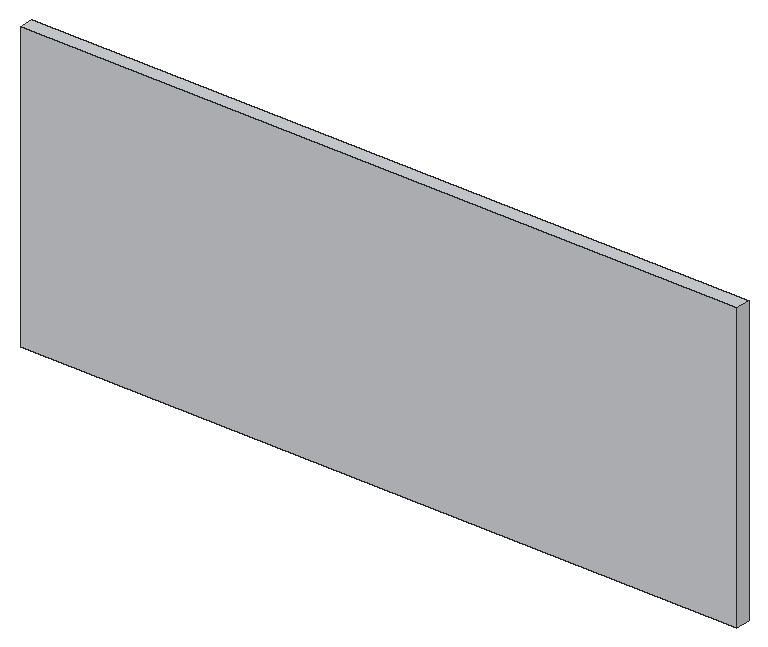
Revit family "АВЛН_Рабочая доска", category Мебель, Revit 2019
Family settings
  Номер OmniClass = 23.40.20.00
  Заголовок OmniClass = General Furniture and Specialties
  На основе рабочей плоскости = Нет
  Всегда вертикально = Да
  При загрузке вырезать с полостями = Нет
  Общий = Нет
  Точка расчета площади = Нет
Parameters (values of type "3000х1200")
  Смещение снизу = 700 mm
  Доска_Ширина = 3000 mm
  Доска_Толщина = 60 mm
  Доска_Высота = 1200 mm
Types (3, lengths in mm): name | Доска_Ширина
  (no name) | 3000
  4000х1200 | 4000
  3000х1200 | 3000
Reference planes
  plane 1 "По центру (Вперед/Назад)": y = 0
  plane 2: z = 0
  plane 3 "По центру (Влево/Вправо)": x = 0
  plane 4: y = 60
  plane 5: x = -1500
  plane 6: x = 1500
  plane 7: z = 1900
  plane 8: z = 700
Forms (mm)
  Extrusion 1, solid
    sketch origin (0, 0, 0) x (1, 0, 0) y (0, 1, 0)
      loop
        line (-1500, 0) -> (1500, 0) -> (1500, 60) -> (-1500, 60) -> (-1500, 0)
    from 700 to 1900
Dimensions and locks
  "Доска_Толщина": plane 1 "По центру (Вперед/Назад)" to plane 4
  equal spacing: plane 5, plane 3 "По центру (Влево/Вправо)", plane 6
  "Доска_Ширина": plane 5 to plane 6
  "Смещение снизу": plane 8 to level
  "Доска_Высота": plane 7 to plane 8
  aligned and locked: level to plane 2
  aligned and locked: Extrusion 1 sketch curve to plane 1 "По центру (Вперед/Назад)"
  aligned and locked: Extrusion 1 sketch curve to plane 4
  aligned and locked: plane 6 to Extrusion 1
  aligned and locked: Extrusion 1 to plane 5
  aligned and locked: Extrusion 1 to plane 7
  aligned and locked: Extrusion 1 to plane 8
Automatic sketch dimensions
  Extrusion 1 sketch curve to plane 3 "По центру (Влево/Вправо)" = 1500 mm
  plane 3 "По центру (Влево/Вправо)" to Extrusion 1 sketch curve = 1500 mm
